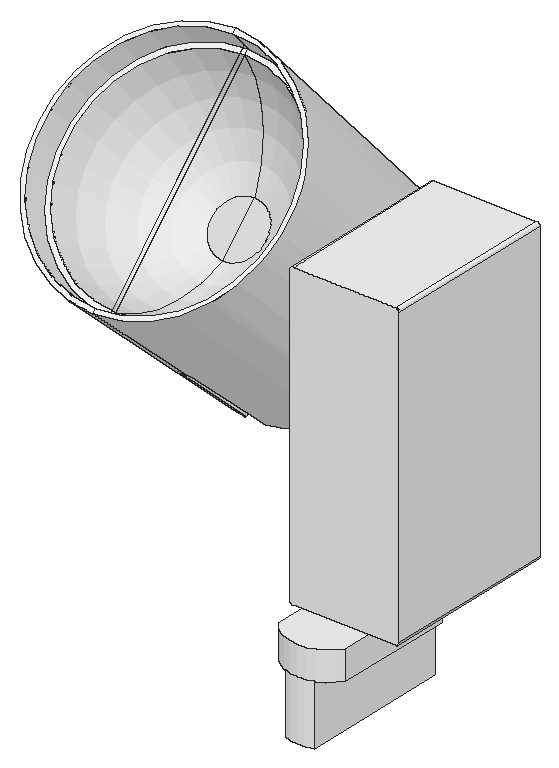
Revit family "0004868 Feilo Sylvania Lighting Fixture START TRACK SPOT L 55W 3K RA90 NB WHITE", category Lighting Fixtures, host Face, Revit 2017 (continued)
Definition of nested family "Start Track Spot Head"
  Types (96, lengths in mm): name | Wattage | built-in parameter 1150134 | Photometric Web File | Model | built-in parameter 1150105 | Lumens | built-in parameter 1150107 | built-in parameter 1150106 | HeadThickness_FEILO | HeadRibOffset_FEILO | HeadRibDepth_FEILO | HeadRibCutWidth_FEILO | HeadRibCutOffset_FEILO | HeadReflectorRadius_FEILO | HeadReflectorOffset_FEILO | HeadLEDRadius_FEILO | HeadHeight_FEILO | HeadDiffusorOffset_FEILO | HeadDiaOut_FEILO | HeadDiaIn_FEILO | HeadAxisFromTop_FEILO | Emit from Circle Diameter | built-in parameter 1150104 | Description | Apparent Load
    0004864 START TRACK SPOT S 24W 3K RA90 WB WHITE | 24 W | (empty or 0) | "0004864.ies" | "START TRACK SPOT S 24W 3K RA90 WB WHITE" | 152.79 (stored number, unit not read) | 1920 lm | 3000 (stored number, unit not read) | 1.5279 (stored number, unit not read) | 1.5 | 4.179 | 55.714 | 7.167 | 50.87 | 50.588 | 55.714 | 9.556 | 117 | 9.435 | 86 | 77.477 | 69.354 | 77.477 | 7.4322 (stored number, unit not read) | "Integrated LED spotlight, Textured White - RAL9016, compact and minimalist design, ideal for retail applications, die-cast aluminium body, passive cooling heatsink. Beam angle: 64°, color temperature: 3000K , total system power: 24W, total fixture output: 1928 lm, LOR: 100%, colour rendering: Ra: 90 typical, LED Chromaticity: 3 step MacAdam ellipse, lifetime: >50000 hours at L70B50, energy class: A++, A+, A, IR/UV free light source without heat radiation, operating voltage: 220-240V / 50-60Hz, drive current: 600mA, electronic driver, non-dimmable, power factor: 0.95, electrical protection: Class II, Global Track 3 Phase adapter suitable for Global trac 3-circuit tracks, ingress protection rating: IP20, suitable for internal environment only, horizontal rotation: 355°, vertical tilt: 90°, dimensions: Ø86x140x200, weight: 0.966kg." | 24 VA
    0004863 START TRACK SPOT S 24W 3K RA90 MB WHITE | 24 W | (empty or 0) | "0004863.ies" | "START TRACK SPOT S 24W 3K RA90 MB WHITE" | 154.7 (stored number, unit not read) | 1944 lm | 3000 (stored number, unit not read) | 1.547 (stored number, unit not read) | 1.5 | 4.179 | 55.714 | 7.167 | 50.87 | 50.588 | 55.714 | 9.556 | 117 | 9.435 | 86 | 77.477 | 69.354 | 77.477 | 7.5251 (stored number, unit not read) | "Integrated LED spotlight, Textured White - RAL9016, compact and minimalist design, ideal for retail applications, die-cast aluminium body, passive cooling heatsink. Beam angle: 36°, color temperature: 3000K , total system power: 24W, total fixture output: 1944 lm, LOR: 100%, colour rendering: Ra: 90 typical, LED Chromaticity: 3 step MacAdam ellipse, lifetime: >50000 hours at L70B50, energy class: A++, A+, A, IR/UV free light source without heat radiation, operating voltage: 220-240V / 50-60Hz, drive current: 600mA, electronic driver, non-dimmable, power factor: 0.95, electrical protection: Class II, Global Track 3 Phase adapter suitable for Global trac 3-circuit tracks, ingress protection rating: IP20, suitable for internal environment only, horizontal rotation: 355°, vertical tilt: 90°, dimensions: Ø86x140x200, weight: 0.966kg." | 24 VA
    0004862 START TRACK SPOT S 24W 3K RA90 NB WHITE | 24 W | (empty or 0) | "0004862.ies" | "START TRACK SPOT S 24W 3K RA90 NB WHITE" | 158.52 (stored number, unit not read) | 1992 lm | 3000 (stored number, unit not read) | 1.5852 (stored number, unit not read) | 1.5 | 4.179 | 55.714 | 7.167 | 50.87 | 50.588 | 55.714 | 9.556 | 117 | 9.435 | 86 | 77.477 | 69.354 | 77.477 | 7.711 (stored number, unit not read) | "Integrated LED spotlight, Textured White - RAL9016, compact and minimalist design, ideal for retail applications, die-cast aluminium body, passive cooling heatsink. Beam angle: 12°, color temperature: 3000K , total system power: 24W, total fixture output: 1987 lm, LOR: 100%, colour rendering: Ra: 90 typical, LED Chromaticity: 3 step MacAdam ellipse, lifetime: >50000 hours at L70B50, energy class: A++, A+, A, IR/UV free light source without heat radiation, operating voltage: 220-240V / 50-60Hz, drive current: 600mA, electronic driver, non-dimmable, power factor: 0.95, electrical protection: Class II, Global Track 3 Phase adapter suitable for Global trac 3-circuit tracks, ingress protection rating: IP20, suitable for internal environment only, horizontal rotation: 355°, vertical tilt: 90°, dimensions: Ø86x140x200, weight: 0.966kg." | 24 VA
    0004861 START TRACK SPOT S 14W 3K RA90 WB WHITE | 14 W | (empty or 0) | "0004861.ies" | "START TRACK SPOT S 14W 3K RA90 WB WHITE" | 100.27 (stored number, unit not read) | 1260 lm | 3000 (stored number, unit not read) | 1.0027 (stored number, unit not read) | 1.5 | 4.179 | 55.714 | 7.167 | 50.87 | 50.588 | 55.714 | 9.556 | 117 | 9.435 | 86 | 77.477 | 69.354 | 77.477 | 8.3613 (stored number, unit not read) | "Integrated LED spotlight, Textured White - RAL9016, compact and minimalist design, ideal for retail applications, die-cast aluminium body, passive cooling heatsink. Beam angle: 64°, color temperature: 3000K , total system power: 14W, total fixture output: 1262 lm, LOR: 100%, colour rendering: Ra: 90 typical, LED Chromaticity: 3 step MacAdam ellipse, lifetime: >50000 hours at L70B50, energy class: A++, A+, A, IR/UV free light source without heat radiation, operating voltage: 220-240V / 50-60Hz, drive current: 350mA, electronic driver, non-dimmable, power factor: 0.92, electrical protection: Class II, Global Track 3 Phase adapter suitable for Global trac 3-circuit tracks, ingress protection rating: IP20, suitable for internal environment only, horizontal rotation: 355°, vertical tilt: 90°, dimensions: Ø86x140x200, weight: 0.940kg." | 14 VA
    0004860 START TRACK SPOT S 14W 3K RA90 MB WHITE | 14 W | (empty or 0) | "0004860.ies" | "START TRACK SPOT S 14W 3K RA90 MB WHITE" | 100.27 (stored number, unit not read) | 1260 lm | 3000 (stored number, unit not read) | 1.0027 (stored number, unit not read) | 1.5 | 4.179 | 55.714 | 7.167 | 50.87 | 50.588 | 55.714 | 9.556 | 117 | 9.435 | 86 | 77.477 | 69.354 | 77.477 | 8.3613 (stored number, unit not read) | "Integrated LED spotlight, Textured White - RAL9016, compact and minimalist design, ideal for retail applications, die-cast aluminium body, passive cooling heatsink. Beam angle: 36°, color temperature: 3000K , total system power: 14W, total fixture output: 1262 lm, LOR: 100%, colour rendering: Ra: 90 typical, LED Chromaticity: 3 step MacAdam ellipse, lifetime: >50000 hours at L70B50, energy class: A++, A+, A, IR/UV free light source without heat radiation, operating voltage: 220-240V / 50-60Hz, drive current: 350mA, electronic driver, non-dimmable, power factor: 0.92, electrical protection: Class II, Global Track 3 Phase adapter suitable for Global trac 3-circuit tracks, ingress protection rating: IP20, suitable for internal environment only, horizontal rotation: 355°, vertical tilt: 90°, dimensions: Ø86x140x200, weight: 0.940kg." | 14 VA
    0004859 START TRACK SPOT S 14W 3K RA90 NB WHITE | 14 W | (empty or 0) | "0004859.ies" | "START TRACK SPOT S 14W 3K RA90 NB WHITE" | 102.5 (stored number, unit not read) | 1288 lm | 3000 (stored number, unit not read) | 1.025 (stored number, unit not read) | 1.5 | 4.179 | 55.714 | 7.167 | 50.87 | 50.588 | 55.714 | 9.556 | 117 | 9.435 | 86 | 77.477 | 69.354 | 77.477 | 8.5471 (stored number, unit not read) | "Integrated LED spotlight, Textured White - RAL9016, compact and minimalist design, ideal for retail applications, die-cast aluminium body, passive cooling heatsink. Beam angle: 12°, color temperature: 3000K , total system power: 14W, total fixture output: 1284 lm, LOR: 100%, colour rendering: Ra: 90 typical, LED Chromaticity: 3 step MacAdam ellipse, lifetime: >50000 hours at L70B50, energy class: A++, A+, A, IR/UV free light source without heat radiation, operating voltage: 220-240V / 50-60Hz, drive current: 350mA, electronic driver, non-dimmable, power factor: 0.92, electrical protection: Class II, Global Track 3 Phase adapter suitable for Global trac 3-circuit tracks, ingress protection rating: IP20, suitable for internal environment only, horizontal rotation: 355°, vertical tilt: 90°, dimensions: Ø86x140x200, weight: 0.940kg." | 14 VA
    0004858 START TRACK SPOT L 55W 4K RA80 WB BLACK | 55 W | 12 | "0004858.ies" | "START TRACK SPOT L 55W 4K RA80 WB BLACK" | 424.55 (stored number, unit not read) | 5335 lm | 4000 (stored number, unit not read) | 4.2455 (stored number, unit not read) | 2 | 4.429 | 59.048 | 9.417 | 53.913 | 66.471 | 59.048 | 12.556 | 124 | 10 | 113 | 101.802 | 73.503 | 101.802 | 9.0116 (stored number, unit not read) | "Integrated LED spotlight, Textured Black - RAL9005, compact and minimalist design, ideal for retail applications, die-cast aluminium body, passive cooling heatsink. Beam angle: 52°, color temperature: 4000K , total system power: 55W, total fixture output: 5320 lm, LOR: 100%, colour rendering: Ra: 80 typical, LED Chromaticity: 3 step MacAdam ellipse, lifetime: >50000 hours at L70B50, energy class: A++, A+, A, IR/UV free light source without heat radiation, operating voltage: 220-240V / 50-60Hz, drive current: 1400mA, electronic driver, non-dimmable, power factor: 0.96, electrical protection: Class II, Global Track 3 Phase adapter suitable for Global trac 3-circuit tracks, ingress protection rating: IP20, suitable for internal environment only, horizontal rotation: 355°, vertical tilt: 90°, dimensions: Ø113x164x240, weight: 1.398kg." | 55 VA
    0004857 START TRACK SPOT L 55W 4K RA80 MB BLACK | 55 W | 12 | "0004857.ies" | "START TRACK SPOT L 55W 4K RA80 MB BLACK" | 428.92 (stored number, unit not read) | 5390 lm | 4000 (stored number, unit not read) | 4.2892 (stored number, unit not read) | 2 | 4.429 | 59.048 | 9.417 | 53.913 | 66.471 | 59.048 | 12.556 | 124 | 10 | 113 | 101.802 | 73.503 | 101.802 | 9.1045 (stored number, unit not read) | "Integrated LED spotlight, Textured Black - RAL9005, compact and minimalist design, ideal for retail applications, die-cast aluminium body, passive cooling heatsink. Beam angle: 38°, color temperature: 4000K , total system power: 55W, total fixture output: 5378 lm, LOR: 100%, colour rendering: Ra: 80 typical, LED Chromaticity: 3 step MacAdam ellipse, lifetime: >50000 hours at L70B50, energy class: A++, A+, A, IR/UV free light source without heat radiation, operating voltage: 220-240V / 50-60Hz, drive current: 1400mA, electronic driver, non-dimmable, power factor: 0.96, electrical protection: Class II, Global Track 3 Phase adapter suitable for Global trac 3-circuit tracks, ingress protection rating: IP20, suitable for internal environment only, horizontal rotation: 355°, vertical tilt: 90°, dimensions: Ø113x164x240, weight: 1.398kg." | 55 VA
    0004856 START TRACK SPOT L 55W 4K RA80 NB BLACK | 55 W | 12 | "0004856.ies" | "START TRACK SPOT L 55W 4K RA80 NB BLACK" | 433.3 (stored number, unit not read) | 5445 lm | 4000 (stored number, unit not read) | 4.333 (stored number, unit not read) | 2 | 4.429 | 59.048 | 9.417 | 53.913 | 66.471 | 59.048 | 12.556 | 124 | 10 | 113 | 101.802 | 73.503 | 101.802 | 9.1974 (stored number, unit not read) | "Integrated LED spotlight, Textured Black - RAL9005, compact and minimalist design, ideal for retail applications, die-cast aluminium body, passive cooling heatsink. Beam angle: 15°, color temperature: 4000K , total system power: 55W, total fixture output: 5426 lm, LOR: 100%, colour rendering: Ra: 80 typical, LED Chromaticity: 3 step MacAdam ellipse, lifetime: >50000 hours at L70B50, energy class: A++, A+, A, IR/UV free light source without heat radiation, operating voltage: 220-240V / 50-60Hz, drive current: 1400mA, electronic driver, non-dimmable, power factor: 0.96, electrical protection: Class II, Global Track 3 Phase adapter suitable for Global trac 3-circuit tracks, ingress protection rating: IP20, suitable for internal environment only, horizontal rotation: 355°, vertical tilt: 90°, dimensions: Ø113x164x240, weight: 1.398kg." | 55 VA
    0004855 START TRACK SPOT L 35W 4K RA80 WB BLACK | 35 W | 12 | "0004855.ies" | "START TRACK SPOT L 35W 4K RA80 WB BLACK" | 320.3 (stored number, unit not read) | 4025 lm | 4000 (stored number, unit not read) | 3.203 (stored number, unit not read) | 2 | 4.429 | 59.048 | 9.417 | 53.913 | 66.471 | 59.048 | 12.556 | 124 | 10 | 113 | 101.802 | 73.503 | 101.802 | 10.684 (stored number, unit not read) | "Integrated LED spotlight, Textured Black - RAL9005, compact and minimalist design, ideal for retail applications, die-cast aluminium body, passive cooling heatsink. Beam angle: 52°, color temperature: 4000K , total system power: 35W, total fixture output: 4010 lm, LOR: 100%, colour rendering: Ra: 80 typical, LED Chromaticity: 3 step MacAdam ellipse, lifetime: >50000 hours at L70B50, energy class: A++, A+, A, IR/UV free light source without heat radiation, operating voltage: 220-240V / 50-60Hz, drive current: 900mA, electronic driver, non-dimmable, power factor: 0.93, electrical protection: Class II, Global Track 3 Phase adapter suitable for Global trac 3-circuit tracks, ingress protection rating: IP20, suitable for internal environment only, horizontal rotation: 355°, vertical tilt: 90°, dimensions: Ø113x164x240, weight: 1.368kg." | 35 VA
    0004854 START TRACK SPOT L 35W 4K RA80 MB BLACK | 35 W | 12 | "0004854.ies" | "START TRACK SPOT L 35W 4K RA80 MB BLACK" | 320.3 (stored number, unit not read) | 4025 lm | 4000 (stored number, unit not read) | 3.203 (stored number, unit not read) | 2 | 4.429 | 59.048 | 9.417 | 53.913 | 66.471 | 59.048 | 12.556 | 124 | 10 | 113 | 101.802 | 73.503 | 101.802 | 10.684 (stored number, unit not read) | "Integrated LED spotlight, Textured Black - RAL9005, compact and minimalist design, ideal for retail applications, die-cast aluminium body, passive cooling heatsink. Beam angle: 38°, color temperature: 4000K , total system power: 35W, total fixture output: 4017 lm, LOR: 100%, colour rendering: Ra: 80 typical, LED Chromaticity: 3 step MacAdam ellipse, lifetime: >50000 hours at L70B50, energy class: A++, A+, A, IR/UV free light source without heat radiation, operating voltage: 220-240V / 50-60Hz, drive current: 900mA, electronic driver, non-dimmable, power factor: 0.93, electrical protection: Class II, Global Track 3 Phase adapter suitable for Global trac 3-circuit tracks, ingress protection rating: IP20, suitable for internal environment only, horizontal rotation: 355°, vertical tilt: 90°, dimensions: Ø113x164x240, weight: 1.368kg." | 35 VA
    0004853 START TRACK SPOT L 35W 4K RA80 NB BLACK | 35 W | 12 | "0004853.ies" | "START TRACK SPOT L 35W 4K RA80 NB BLACK" | 331.44 (stored number, unit not read) | 4165 lm | 4000 (stored number, unit not read) | 3.3144 (stored number, unit not read) | 2 | 4.429 | 59.048 | 9.417 | 53.913 | 66.471 | 59.048 | 12.556 | 124 | 10 | 113 | 101.802 | 73.503 | 101.802 | 11.055 (stored number, unit not read) | "Integrated LED spotlight, Textured Black - RAL9005, compact and minimalist design, ideal for retail applications, die-cast aluminium body, passive cooling heatsink. Beam angle: 15°, color temperature: 4000K , total system power: 35W, total fixture output: 4174 lm, LOR: 100%, colour rendering: Ra: 80 typical, LED Chromaticity: 3 step MacAdam ellipse, lifetime: >50000 hours at L70B50, energy class: A++, A+, A, IR/UV free light source without heat radiation, operating voltage: 220-240V / 50-60Hz, drive current: 900mA, electronic driver, non-dimmable, power factor: 0.93, electrical protection: Class II, Global Track 3 Phase adapter suitable for Global trac 3-circuit tracks, ingress protection rating: IP20, suitable for internal environment only, horizontal rotation: 355°, vertical tilt: 90°, dimensions: Ø113x164x240, weight: 1.368kg." | 35 VA
    0004852 START TRACK SPOT S 24W 4K RA80 WB BLACK | 24 W | 12 | "0004852.ies" | "START TRACK SPOT S 24W 4K RA80 WB BLACK" | 196.72 (stored number, unit not read) | 2472 lm | 4000 (stored number, unit not read) | 1.9672 (stored number, unit not read) | 1.5 | 4.179 | 55.714 | 7.167 | 50.87 | 50.588 | 55.714 | 9.556 | 117 | 9.435 | 86 | 77.477 | 69.354 | 77.477 | 9.569 (stored number, unit not read) | "Integrated LED spotlight, Textured Black - RAL9005, compact and minimalist design, ideal for retail applications, die-cast aluminium body, passive cooling heatsink. Beam angle: 64°, color temperature: 4000K , total system power: 24W, total fixture output: 2476 lm, LOR: 100%, colour rendering: Ra: 80 typical, LED Chromaticity: 3 step MacAdam ellipse, lifetime: >50000 hours at L70B50, energy class: A++, A+, A, IR/UV free light source without heat radiation, operating voltage: 220-240V / 50-60Hz, drive current: 600mA, electronic driver, non-dimmable, power factor: 0.95, electrical protection: Class II, Global Track 3 Phase adapter suitable for Global trac 3-circuit tracks, ingress protection rating: IP20, suitable for internal environment only, horizontal rotation: 355°, vertical tilt: 90°, dimensions: Ø86x140x200, weight: 0.966kg." | 24 VA
    0004851 START TRACK SPOT S 24W 4K RA80 MB BLACK | 24 W | 12 | "0004851.ies" | "START TRACK SPOT S 24W 4K RA80 MB BLACK" | 198.63 (stored number, unit not read) | 2496 lm | 4000 (stored number, unit not read) | 1.9863 (stored number, unit not read) | 1.5 | 4.179 | 55.714 | 7.167 | 50.87 | 50.588 | 55.714 | 9.556 | 117 | 9.435 | 86 | 77.477 | 69.354 | 77.477 | 9.6619 (stored number, unit not read) | "Integrated LED spotlight, Textured Black - RAL9005, compact and minimalist design, ideal for retail applications, die-cast aluminium body, passive cooling heatsink. Beam angle: 36°, color temperature: 4000K , total system power: 24W, total fixture output: 2487 lm, LOR: 100%, colour rendering: Ra: 80 typical, LED Chromaticity: 3 step MacAdam ellipse, lifetime: >50000 hours at L70B50, energy class: A++, A+, A, IR/UV free light source without heat radiation, operating voltage: 220-240V / 50-60Hz, drive current: 600mA, electronic driver, non-dimmable, power factor: 0.95, electrical protection: Class II, Global Track 3 Phase adapter suitable for Global trac 3-circuit tracks, ingress protection rating: IP20, suitable for internal environment only, horizontal rotation: 355°, vertical tilt: 90°, dimensions: Ø86x140x200, weight: 0.966kg." | 24 VA
    0004850 START TRACK SPOT S 24W 4K RA80 NB BLACK | 24 W | 12 | "0004850.ies" | "START TRACK SPOT S 24W 4K RA80 NB BLACK" | 200.54 (stored number, unit not read) | 2520 lm | 4000 (stored number, unit not read) | 2.0054 (stored number, unit not read) | 1.5 | 4.179 | 55.714 | 7.167 | 50.87 | 50.588 | 55.714 | 9.556 | 117 | 9.435 | 86 | 77.477 | 69.354 | 77.477 | 9.7548 (stored number, unit not read) | "Integrated LED spotlight, Textured Black - RAL9005, compact and minimalist design, ideal for retail applications, die-cast aluminium body, passive cooling heatsink. Beam angle: 12°, color temperature: 4000K , total system power: 24W, total fixture output: 2529 lm, LOR: 100%, colour rendering: Ra: 80 typical, LED Chromaticity: 3 step MacAdam ellipse, lifetime: >50000 hours at L70B50, energy class: A++, A+, A, IR/UV free light source without heat radiation, operating voltage: 220-240V / 50-60Hz, drive current: 600mA, electronic driver, non-dimmable, power factor: 0.95, electrical protection: Class II, Global Track 3 Phase adapter suitable for Global trac 3-circuit tracks, ingress protection rating: IP20, suitable for internal environment only, horizontal rotation: 355°, vertical tilt: 90°, dimensions: Ø86x140x200, weight: 0.966kg." | 24 VA
    0004849 START TRACK SPOT S 14W 4K RA80 WB BLACK | 14 W | 12 | "0004849.ies" | "START TRACK SPOT S 14W 4K RA80 WB BLACK" | 123.66 (stored number, unit not read) | 1554 lm | 4000 (stored number, unit not read) | 1.2366 (stored number, unit not read) | 1.5 | 4.179 | 55.714 | 7.167 | 50.87 | 50.588 | 55.714 | 9.556 | 117 | 9.435 | 86 | 77.477 | 69.354 | 77.477 | 10.312 (stored number, unit not read) | "Integrated LED spotlight, Textured Black - RAL9005, compact and minimalist design, ideal for retail applications, die-cast aluminium body, passive cooling heatsink. Beam angle: 64°, color temperature: 4000K , total system power: 14W, total fixture output: 1558 lm, LOR: 100%, colour rendering: Ra: 80 typical, LED Chromaticity: 3 step MacAdam ellipse, lifetime: >50000 hours at L70B50, energy class: A++, A+, A, IR/UV free light source without heat radiation, operating voltage: 220-240V / 50-60Hz, drive current: 350mA, electronic driver, non-dimmable, power factor: 0.92, electrical protection: Class II, Global Track 3 Phase adapter suitable for Global trac 3-circuit tracks, ingress protection rating: IP20, suitable for internal environment only, horizontal rotation: 355°, vertical tilt: 90°, dimensions: Ø86x140x200, weight: 0.940kg." | 14 VA
    0004848 START TRACK SPOT S 14W 4K RA80 MB BLACK | 14 W | 12 | "0004848.ies" | "START TRACK SPOT S 14W 4K RA80 MB BLACK" | 127.01 (stored number, unit not read) | 1596 lm | 4000 (stored number, unit not read) | 1.2701 (stored number, unit not read) | 1.5 | 4.179 | 55.714 | 7.167 | 50.87 | 50.588 | 55.714 | 9.556 | 117 | 9.435 | 86 | 77.477 | 69.354 | 77.477 | 10.591 (stored number, unit not read) | "Integrated LED spotlight, Textured Black - RAL9005, compact and minimalist design, ideal for retail applications, die-cast aluminium body, passive cooling heatsink. Beam angle: 36°, color temperature: 4000K , total system power: 14W, total fixture output: 1598 lm, LOR: 100%, colour rendering: Ra: 80 typical, LED Chromaticity: 3 step MacAdam ellipse, lifetime: >50000 hours at L70B50, energy class: A++, A+, A, IR/UV free light source without heat radiation, operating voltage: 220-240V / 50-60Hz, drive current: 350mA, electronic driver, non-dimmable, power factor: 0.92, electrical protection: Class II, Global Track 3 Phase adapter suitable for Global trac 3-circuit tracks, ingress protection rating: IP20, suitable for internal environment only, horizontal rotation: 355°, vertical tilt: 90°, dimensions: Ø86x140x200, weight: 0.940kg." | 14 VA
    0004847 START TRACK SPOT S 14W 4K RA80 NB BLACK | 14 W | 12 | "0004847.ies" | "START TRACK SPOT S 14W 4K RA80 NB BLACK" | 128.12 (stored number, unit not read) | 1610 lm | 4000 (stored number, unit not read) | 1.2812 (stored number, unit not read) | 1.5 | 4.179 | 55.714 | 7.167 | 50.87 | 50.588 | 55.714 | 9.556 | 117 | 9.435 | 86 | 77.477 | 69.354 | 77.477 | 10.684 (stored number, unit not read) | "Integrated LED spotlight, Textured Black - RAL9005, compact and minimalist design, ideal for retail applications, die-cast aluminium body, passive cooling heatsink. Beam angle: 12°, color temperature: 4000K , total system power: 14W, total fixture output: 1608 lm, LOR: 100%, colour rendering: Ra: 80 typical, LED Chromaticity: 3 step MacAdam ellipse, lifetime: >50000 hours at L70B50, energy class: A++, A+, A, IR/UV free light source without heat radiation, operating voltage: 220-240V / 50-60Hz, drive current: 350mA, electronic driver, non-dimmable, power factor: 0.92, electrical protection: Class II, Global Track 3 Phase adapter suitable for Global trac 3-circuit tracks, ingress protection rating: IP20, suitable for internal environment only, horizontal rotation: 355°, vertical tilt: 90°, dimensions: Ø86x140x200, weight: 0.940kg." | 14 VA
    0004846 START TRACK SPOT L 55W 3K RA80 WB BLACK | 55 W | (empty or 0) | "0004846.ies" | "START TRACK SPOT L 55W 3K RA80 WB BLACK" | 420.17 (stored number, unit not read) | 5280 lm | 3000 (stored number, unit not read) | 4.2017 (stored number, unit not read) | 2 | 4.429 | 59.048 | 9.417 | 53.913 | 66.471 | 59.048 | 12.556 | 124 | 10 | 113 | 101.802 | 73.503 | 101.802 | 8.9187 (stored number, unit not read) | "Integrated LED spotlight, Textured Black - RAL9005, compact and minimalist design, ideal for retail applications, die-cast aluminium body, passive cooling heatsink. Beam angle: 52°, color temperature: 3000K , total system power: 55W, total fixture output: 5298 lm, LOR: 100%, colour rendering: Ra: 80 typical, LED Chromaticity: 3 step MacAdam ellipse, lifetime: >50000 hours at L70B50, energy class: A++, A+, A, IR/UV free light source without heat radiation, operating voltage: 220-240V / 50-60Hz, drive current: 1400mA, electronic driver, non-dimmable, power factor: 0.96, electrical protection: Class II, Global Track 3 Phase adapter suitable for Global trac 3-circuit tracks, ingress protection rating: IP20, suitable for internal environment only, horizontal rotation: 355°, vertical tilt: 90°, dimensions: Ø113x164x240, weight: 1.398kg." | 55 VA
    0004845 START TRACK SPOT L 55W 3K RA80 MB BLACK | 55 W | (empty or 0) | "0004845.ies" | "START TRACK SPOT L 55W 3K RA80 MB BLACK" | 428.92 (stored number, unit not read) | 5390 lm | 3000 (stored number, unit not read) | 4.2892 (stored number, unit not read) | 2 | 4.429 | 59.048 | 9.417 | 53.913 | 66.471 | 59.048 | 12.556 | 124 | 10 | 113 | 101.802 | 73.503 | 101.802 | 9.1045 (stored number, unit not read) | "Integrated LED spotlight, Textured Black - RAL9005, compact and minimalist design, ideal for retail applications, die-cast aluminium body, passive cooling heatsink. Beam angle: 38°, color temperature: 3000K , total system power: 55W, total fixture output: 5381 lm, LOR: 100%, colour rendering: Ra: 80 typical, LED Chromaticity: 3 step MacAdam ellipse, lifetime: >50000 hours at L70B50, energy class: A++, A+, A, IR/UV free light source without heat radiation, operating voltage: 220-240V / 50-60Hz, drive current: 1400mA, electronic driver, non-dimmable, power factor: 0.96, electrical protection: Class II, Global Track 3 Phase adapter suitable for Global trac 3-circuit tracks, ingress protection rating: IP20, suitable for internal environment only, horizontal rotation: 355°, vertical tilt: 90°, dimensions: Ø113x164x240, weight: 1.398kg." | 55 VA
    0004844 START TRACK SPOT L 55W 3K RA80 NB BLACK | 55 W | (empty or 0) | "0004844.ies" | "START TRACK SPOT L 55W 3K RA80 NB BLACK" | 433.3 (stored number, unit not read) | 5445 lm | 3000 (stored number, unit not read) | 4.333 (stored number, unit not read) | 2 | 4.429 | 59.048 | 9.417 | 53.913 | 66.471 | 59.048 | 12.556 | 124 | 10 | 113 | 101.802 | 73.503 | 101.802 | 9.1974 (stored number, unit not read) | "Integrated LED spotlight, Textured Black - RAL9005, compact and minimalist design, ideal for retail applications, die-cast aluminium body, passive cooling heatsink. Beam angle: 15°, color temperature: 3000K , total system power: 55W, total fixture output: 5449 lm, LOR: 100%, colour rendering: Ra: 80 typical, LED Chromaticity: 3 step MacAdam ellipse, lifetime: >50000 hours at L70B50, energy class: A++, A+, A, IR/UV free light source without heat radiation, operating voltage: 220-240V / 50-60Hz, drive current: 1400mA, electronic driver, non-dimmable, power factor: 0.96, electrical protection: Class II, Global Track 3 Phase adapter suitable for Global trac 3-circuit tracks, ingress protection rating: IP20, suitable for internal environment only, horizontal rotation: 355°, vertical tilt: 90°, dimensions: Ø113x164x240, weight: 1.398kg." | 55 VA
    0004843 START TRACK SPOT L 35W 3K RA80 WB BLACK | 35 W | (empty or 0) | "0004843.ies" | "START TRACK SPOT L 35W 3K RA80 WB BLACK" | 314.73 (stored number, unit not read) | 3955 lm | 3000 (stored number, unit not read) | 3.1473 (stored number, unit not read) | 2 | 4.429 | 59.048 | 9.417 | 53.913 | 66.471 | 59.048 | 12.556 | 124 | 10 | 113 | 101.802 | 73.503 | 101.802 | 10.498 (stored number, unit not read) | "Integrated LED spotlight, Textured Black - RAL9005, compact and minimalist design, ideal for retail applications, die-cast aluminium body, passive cooling heatsink. Beam angle: 52°, color temperature: 3000K , total system power: 35W, total fixture output: 3943 lm, LOR: 100%, colour rendering: Ra: 80 typical, LED Chromaticity: 3 step MacAdam ellipse, lifetime: >50000 hours at L70B50, energy class: A++, A+, A, IR/UV free light source without heat radiation, operating voltage: 220-240V / 50-60Hz, drive current: 900mA, electronic driver, non-dimmable, power factor: 0.93, electrical protection: Class II, Global Track 3 Phase adapter suitable for Global trac 3-circuit tracks, ingress protection rating: IP20, suitable for internal environment only, horizontal rotation: 355°, vertical tilt: 90°, dimensions: Ø113x164x240, weight: 1.368kg." | 35 VA
    0004842 START TRACK SPOT L 35W 3K RA80 MB BLACK | 35 W | (empty or 0) | "0004842.ies" | "START TRACK SPOT L 35W 3K RA80 MB BLACK" | 320.3 (stored number, unit not read) | 4025 lm | 3000 (stored number, unit not read) | 3.203 (stored number, unit not read) | 2 | 4.429 | 59.048 | 9.417 | 53.913 | 66.471 | 59.048 | 12.556 | 124 | 10 | 113 | 101.802 | 73.503 | 101.802 | 10.684 (stored number, unit not read) | "Integrated LED spotlight, Textured Black - RAL9005, compact and minimalist design, ideal for retail applications, die-cast aluminium body, passive cooling heatsink. Beam angle: 38°, color temperature: 3000K , total system power: 35W, total fixture output: 4008 lm, LOR: 100%, colour rendering: Ra: 80 typical, LED Chromaticity: 3 step MacAdam ellipse, lifetime: >50000 hours at L70B50, energy class: A++, A+, A, IR/UV free light source without heat radiation, operating voltage: 220-240V / 50-60Hz, drive current: 900mA, electronic driver, non-dimmable, power factor: 0.93, electrical protection: Class II, Global Track 3 Phase adapter suitable for Global trac 3-circuit tracks, ingress protection rating: IP20, suitable for internal environment only, horizontal rotation: 355°, vertical tilt: 90°, dimensions: Ø113x164x240, weight: 1.368kg." | 35 VA
    0004841 START TRACK SPOT L 35W 3K RA80 NB BLACK | 35 W | (empty or 0) | "0004841.ies" | "START TRACK SPOT L 35W 3K RA80 NB BLACK" | 317.51 (stored number, unit not read) | 3990 lm | 3000 (stored number, unit not read) | 3.1751 (stored number, unit not read) | 2 | 4.429 | 59.048 | 9.417 | 53.913 | 66.471 | 59.048 | 12.556 | 124 | 10 | 113 | 101.802 | 73.503 | 101.802 | 10.591 (stored number, unit not read) | "Integrated LED spotlight, Textured Black - RAL9005, compact and minimalist design, ideal for retail applications, die-cast aluminium body, passive cooling heatsink. Beam angle: 15°, color temperature: 3000K , total system power: 35W, total fixture output: 4005 lm, LOR: 100%, colour rendering: Ra: 80 typical, LED Chromaticity: 3 step MacAdam ellipse, lifetime: >50000 hours at L70B50, energy class: A++, A+, A, IR/UV free light source without heat radiation, operating voltage: 220-240V / 50-60Hz, drive current: 900mA, electronic driver, non-dimmable, power factor: 0.93, electrical protection: Class II, Global Track 3 Phase adapter suitable for Global trac 3-circuit tracks, ingress protection rating: IP20, suitable for internal environment only, horizontal rotation: 355°, vertical tilt: 90°, dimensions: Ø113x164x240, weight: 1.368kg." | 35 VA
    0004840 START TRACK SPOT S 24W 3K RA80 WB BLACK | 24 W | (empty or 0) | "0004840.ies" | "START TRACK SPOT S 24W 3K RA80 WB BLACK" | 185.26 (stored number, unit not read) | 2328 lm | 3000 (stored number, unit not read) | 1.8526 (stored number, unit not read) | 1.5 | 4.179 | 55.714 | 7.167 | 50.87 | 50.588 | 55.714 | 9.556 | 117 | 9.435 | 86 | 77.477 | 69.354 | 77.477 | 9.0116 (stored number, unit not read) | "Integrated LED spotlight, Textured Black - RAL9005, compact and minimalist design, ideal for retail applications, die-cast aluminium body, passive cooling heatsink. Beam angle: 64°, color temperature: 3000K , total system power: 24W, total fixture output: 2318 lm, LOR: 100%, colour rendering: Ra: 80 typical, LED Chromaticity: 3 step MacAdam ellipse, lifetime: >50000 hours at L70B50, energy class: A++, A+, A, IR/UV free light source without heat radiation, operating voltage: 220-240V / 50-60Hz, drive current: 600mA, electronic driver, non-dimmable, power factor: 0.95, electrical protection: Class II, Global Track 3 Phase adapter suitable for Global trac 3-circuit tracks, ingress protection rating: IP20, suitable for internal environment only, horizontal rotation: 355°, vertical tilt: 90°, dimensions: Ø86x140x200, weight: 0.966kg." | 24 VA
    0004839 START TRACK SPOT S 24W 3K RA80 MB BLACK | 24 W | (empty or 0) | "0004839.ies" | "START TRACK SPOT S 24W 3K RA80 MB BLACK" | 183.35 (stored number, unit not read) | 2304 lm | 3000 (stored number, unit not read) | 1.8335 (stored number, unit not read) | 1.5 | 4.179 | 55.714 | 7.167 | 50.87 | 50.588 | 55.714 | 9.556 | 117 | 9.435 | 86 | 77.477 | 69.354 | 77.477 | 8.9187 (stored number, unit not read) | "Integrated LED spotlight, Textured Black - RAL9005, compact and minimalist design, ideal for retail applications, die-cast aluminium body, passive cooling heatsink. Beam angle: 36°, color temperature: 3000K , total system power: 24W, total fixture output: 2314 lm, LOR: 100%, colour rendering: Ra: 80 typical, LED Chromaticity: 3 step MacAdam ellipse, lifetime: >50000 hours at L70B50, energy class: A++, A+, A, IR/UV free light source without heat radiation, operating voltage: 220-240V / 50-60Hz, drive current: 600mA, electronic driver, non-dimmable, power factor: 0.95, electrical protection: Class II, Global Track 3 Phase adapter suitable for Global trac 3-circuit tracks, ingress protection rating: IP20, suitable for internal environment only, horizontal rotation: 355°, vertical tilt: 90°, dimensions: Ø86x140x200, weight: 0.966kg." | 24 VA
    0004838 START TRACK SPOT S 24W 3K RA80 NB BLACK | 24 W | (empty or 0) | "0004838.ies" | "START TRACK SPOT S 24W 3K RA80 NB BLACK" | 185.26 (stored number, unit not read) | 2328 lm | 3000 (stored number, unit not read) | 1.8526 (stored number, unit not read) | 1.5 | 4.179 | 55.714 | 7.167 | 50.87 | 50.588 | 55.714 | 9.556 | 117 | 9.435 | 86 | 77.477 | 69.354 | 77.477 | 9.0116 (stored number, unit not read) | "Integrated LED spotlight, Textured Black - RAL9005, compact and minimalist design, ideal for retail applications, die-cast aluminium body, passive cooling heatsink. Beam angle: 12°, color temperature: 3000K , total system power: 24W, total fixture output: 2334 lm, LOR: 100%, colour rendering: Ra: 80 typical, LED Chromaticity: 3 step MacAdam ellipse, lifetime: >50000 hours at L70B50, energy class: A++, A+, A, IR/UV free light source without heat radiation, operating voltage: 220-240V / 50-60Hz, drive current: 600mA, electronic driver, non-dimmable, power factor: 0.95, electrical protection: Class II, Global Track 3 Phase adapter suitable for Global trac 3-circuit tracks, ingress protection rating: IP20, suitable for internal environment only, horizontal rotation: 355°, vertical tilt: 90°, dimensions: Ø86x140x200, weight: 0.966kg." | 24 VA
    0004837 START TRACK SPOT S 14W 3K RA80 WB BLACK | 14 W | (empty or 0) | "0004837.ies" | "START TRACK SPOT S 14W 3K RA80 WB BLACK" | 119.21 (stored number, unit not read) | 1498 lm | 3000 (stored number, unit not read) | 1.1921 (stored number, unit not read) | 1.5 | 4.179 | 55.714 | 7.167 | 50.87 | 50.588 | 55.714 | 9.556 | 117 | 9.435 | 86 | 77.477 | 69.354 | 77.477 | 9.9406 (stored number, unit not read) | "Integrated LED spotlight, Textured Black - RAL9005, compact and minimalist design, ideal for retail applications, die-cast aluminium body, passive cooling heatsink. Beam angle: 64°, color temperature: 3000K , total system power: 14W, total fixture output: 1498 lm, LOR: 100%, colour rendering: Ra: 80 typical, LED Chromaticity: 3 step MacAdam ellipse, lifetime: >50000 hours at L70B50, energy class: A++, A+, A, IR/UV free light source without heat radiation, operating voltage: 220-240V / 50-60Hz, drive current: 350mA, electronic driver, non-dimmable, power factor: 0.92, electrical protection: Class II, Global Track 3 Phase adapter suitable for Global trac 3-circuit tracks, ingress protection rating: IP20, suitable for internal environment only, horizontal rotation: 355°, vertical tilt: 90°, dimensions: Ø86x140x200, weight: 0.940kg." | 14 VA
    0004836 START TRACK SPOT S 14W 3K RA80 MB BLACK | 14 W | (empty or 0) | "0004836.ies" | "START TRACK SPOT S 14W 3K RA80 MB BLACK" | 120.32 (stored number, unit not read) | 1512 lm | 3000 (stored number, unit not read) | 1.2032 (stored number, unit not read) | 1.5 | 4.179 | 55.714 | 7.167 | 50.87 | 50.588 | 55.714 | 9.556 | 117 | 9.435 | 86 | 77.477 | 69.354 | 77.477 | 10.034 (stored number, unit not read) | "Integrated LED spotlight, Textured Black - RAL9005, compact and minimalist design, ideal for retail applications, die-cast aluminium body, passive cooling heatsink. Beam angle: 36°, color temperature: 3000K , total system power: 14W, total fixture output: 1508 lm, LOR: 100%, colour rendering: Ra: 80 typical, LED Chromaticity: 3 step MacAdam ellipse, lifetime: >50000 hours at L70B50, energy class: A++, A+, A, IR/UV free light source without heat radiation, operating voltage: 220-240V / 50-60Hz, drive current: 350mA, electronic driver, non-dimmable, power factor: 0.92, electrical protection: Class II, Global Track 3 Phase adapter suitable for Global trac 3-circuit tracks, ingress protection rating: IP20, suitable for internal environment only, horizontal rotation: 355°, vertical tilt: 90°, dimensions: Ø86x140x200, weight: 0.940kg." | 14 VA
    0004835 START TRACK SPOT S 14W 3K RA80 NB BLACK | 14 W | (empty or 0) | "0004835.ies" | "START TRACK SPOT S 14W 3K RA80 NB BLACK" | 123.66 (stored number, unit not read) | 1554 lm | 3000 (stored number, unit not read) | 1.2366 (stored number, unit not read) | 1.5 | 4.179 | 55.714 | 7.167 | 50.87 | 50.588 | 55.714 | 9.556 | 117 | 9.435 | 86 | 77.477 | 69.354 | 77.477 | 10.312 (stored number, unit not read) | "Integrated LED spotlight, Textured Black - RAL9005, compact and minimalist design, ideal for retail applications, die-cast aluminium body, passive cooling heatsink. Beam angle: 12°, color temperature: 3000K , total system power: 14W, total fixture output: 1551 lm, LOR: 100%, colour rendering: Ra: 80 typical, LED Chromaticity: 3 step MacAdam ellipse, lifetime: >50000 hours at L70B50, energy class: A++, A+, A, IR/UV free light source without heat radiation, operating voltage: 220-240V / 50-60Hz, drive current: 350mA, electronic driver, non-dimmable, power factor: 0.92, electrical protection: Class II, Global Track 3 Phase adapter suitable for Global trac 3-circuit tracks, ingress protection rating: IP20, suitable for internal environment only, horizontal rotation: 355°, vertical tilt: 90°, dimensions: Ø86x140x200, weight: 0.940kg." | 14 VA
    0004834 START TRACK SPOT L 55W 4K RA80 WB WHITE | 55 W | 12 | "0004834.ies" | "START TRACK SPOT L 55W 4K RA80 WB WHITE" | 424.55 (stored number, unit not read) | 5335 lm | 4000 (stored number, unit not read) | 4.2455 (stored number, unit not read) | 2 | 4.429 | 59.048 | 9.417 | 53.913 | 66.471 | 59.048 | 12.556 | 124 | 10 | 113 | 101.802 | 73.503 | 101.802 | 9.0116 (stored number, unit not read) | "Integrated LED spotlight, Textured White - RAL9016, compact and minimalist design, ideal for retail applications, die-cast aluminium body, passive cooling heatsink. Beam angle: 52°, color temperature: 4000K , total system power: 55W, total fixture output: 5320 lm, LOR: 100%, colour rendering: Ra: 80 typical, LED Chromaticity: 3 step MacAdam ellipse, lifetime: >50000 hours at L70B50, energy class: A++, A+, A, IR/UV free light source without heat radiation, operating voltage: 220-240V / 50-60Hz, drive current: 1400mA, electronic driver, non-dimmable, power factor: 0.96, electrical protection: Class II, Global Track 3 Phase adapter suitable for Global trac 3-circuit tracks, ingress protection rating: IP20, suitable for internal environment only, horizontal rotation: 355°, vertical tilt: 90°, dimensions: Ø113x164x240, weight: 1.398kg." | 55 VA
    0004833 START TRACK SPOT L 55W 4K RA80 MB WHITE | 55 W | 12 | "0004833.ies" | "START TRACK SPOT L 55W 4K RA80 MB WHITE" | 428.92 (stored number, unit not read) | 5390 lm | 4000 (stored number, unit not read) | 4.2892 (stored number, unit not read) | 2 | 4.429 | 59.048 | 9.417 | 53.913 | 66.471 | 59.048 | 12.556 | 124 | 10 | 113 | 101.802 | 73.503 | 101.802 | 9.1045 (stored number, unit not read) | "Integrated LED spotlight, Textured White - RAL9016, compact and minimalist design, ideal for retail applications, die-cast aluminium body, passive cooling heatsink. Beam angle: 38°, color temperature: 4000K , total system power: 55W, total fixture output: 5378 lm, LOR: 100%, colour rendering: Ra: 80 typical, LED Chromaticity: 3 step MacAdam ellipse, lifetime: >50000 hours at L70B50, energy class: A++, A+, A, IR/UV free light source without heat radiation, operating voltage: 220-240V / 50-60Hz, drive current: 1400mA, electronic driver, non-dimmable, power factor: 0.96, electrical protection: Class II, Global Track 3 Phase adapter suitable for Global trac 3-circuit tracks, ingress protection rating: IP20, suitable for internal environment only, horizontal rotation: 355°, vertical tilt: 90°, dimensions: Ø113x164x240, weight: 1.398kg." | 55 VA
    0004832 START TRACK SPOT L 55W 4K RA80 NB WHITE | 55 W | 12 | "0004832.ies" | "START TRACK SPOT L 55W 4K RA80 NB WHITE" | 433.3 (stored number, unit not read) | 5445 lm | 4000 (stored number, unit not read) | 4.333 (stored number, unit not read) | 2 | 4.429 | 59.048 | 9.417 | 53.913 | 66.471 | 59.048 | 12.556 | 124 | 10 | 113 | 101.802 | 73.503 | 101.802 | 9.1974 (stored number, unit not read) | "Integrated LED spotlight, Textured White - RAL9016, compact and minimalist design, ideal for retail applications, die-cast aluminium body, passive cooling heatsink. Beam angle: 15°, color temperature: 4000K , total system power: 55W, total fixture output: 5426 lm, LOR: 100%, colour rendering: Ra: 80 typical, LED Chromaticity: 3 step MacAdam ellipse, lifetime: >50000 hours at L70B50, energy class: A++, A+, A, IR/UV free light source without heat radiation, operating voltage: 220-240V / 50-60Hz, drive current: 1400mA, electronic driver, non-dimmable, power factor: 0.96, electrical protection: Class II, Global Track 3 Phase adapter suitable for Global trac 3-circuit tracks, ingress protection rating: IP20, suitable for internal environment only, horizontal rotation: 355°, vertical tilt: 90°, dimensions: Ø113x164x240, weight: 1.398kg." | 55 VA
    0004831 START TRACK SPOT L 35W 4K RA80 WB WHITE | 35 W | 12 | "0004831.ies" | "START TRACK SPOT L 35W 4K RA80 WB WHITE" | 320.3 (stored number, unit not read) | 4025 lm | 4000 (stored number, unit not read) | 3.203 (stored number, unit not read) | 2 | 4.429 | 59.048 | 9.417 | 53.913 | 66.471 | 59.048 | 12.556 | 124 | 10 | 113 | 101.802 | 73.503 | 101.802 | 10.684 (stored number, unit not read) | "Integrated LED spotlight, Textured White - RAL9016, compact and minimalist design, ideal for retail applications, die-cast aluminium body, passive cooling heatsink. Beam angle: 52°, color temperature: 4000K , total system power: 35W, total fixture output: 4010 lm, LOR: 100%, colour rendering: Ra: 80 typical, LED Chromaticity: 3 step MacAdam ellipse, lifetime: >50000 hours at L70B50, energy class: A++, A+, A, IR/UV free light source without heat radiation, operating voltage: 220-240V / 50-60Hz, drive current: 900mA, electronic driver, non-dimmable, power factor: 0.93, electrical protection: Class II, Global Track 3 Phase adapter suitable for Global trac 3-circuit tracks, ingress protection rating: IP20, suitable for internal environment only, horizontal rotation: 355°, vertical tilt: 90°, dimensions: Ø113x164x240, weight: 1.368kg." | 35 VA
    0004830 START TRACK SPOT L 35W 4K RA80 MB WHITE | 35 W | 12 | "0004830.ies" | "START TRACK SPOT L 35W 4K RA80 MB WHITE" | 320.3 (stored number, unit not read) | 4025 lm | 4000 (stored number, unit not read) | 3.203 (stored number, unit not read) | 2 | 4.429 | 59.048 | 9.417 | 53.913 | 66.471 | 59.048 | 12.556 | 124 | 10 | 113 | 101.802 | 73.503 | 101.802 | 10.684 (stored number, unit not read) | "Integrated LED spotlight, Textured White - RAL9016, compact and minimalist design, ideal for retail applications, die-cast aluminium body, passive cooling heatsink. Beam angle: 38°, color temperature: 4000K , total system power: 35W, total fixture output: 4017 lm, LOR: 100%, colour rendering: Ra: 80 typical, LED Chromaticity: 3 step MacAdam ellipse, lifetime: >50000 hours at L70B50, energy class: A++, A+, A, IR/UV free light source without heat radiation, operating voltage: 220-240V / 50-60Hz, drive current: 900mA, electronic driver, non-dimmable, power factor: 0.93, electrical protection: Class II, Global Track 3 Phase adapter suitable for Global trac 3-circuit tracks, ingress protection rating: IP20, suitable for internal environment only, horizontal rotation: 355°, vertical tilt: 90°, dimensions: Ø113x164x240, weight: 1.368kg." | 35 VA
    0004829 START TRACK SPOT L 35W 4K RA80 NB WHITE | 35 W | 12 | "0004829.ies" | "START TRACK SPOT L 35W 4K RA80 NB WHITE" | 331.44 (stored number, unit not read) | 4165 lm | 4000 (stored number, unit not read) | 3.3144 (stored number, unit not read) | 2 | 4.429 | 59.048 | 9.417 | 53.913 | 66.471 | 59.048 | 12.556 | 124 | 10 | 113 | 101.802 | 73.503 | 101.802 | 11.055 (stored number, unit not read) | "Integrated LED spotlight, Textured White - RAL9016, compact and minimalist design, ideal for retail applications, die-cast aluminium body, passive cooling heatsink. Beam angle: 15°, color temperature: 4000K , total system power: 35W, total fixture output: 4174 lm, LOR: 100%, colour rendering: Ra: 80 typical, LED Chromaticity: 3 step MacAdam ellipse, lifetime: >50000 hours at L70B50, energy class: A++, A+, A, IR/UV free light source without heat radiation, operating voltage: 220-240V / 50-60Hz, drive current: 900mA, electronic driver, non-dimmable, power factor: 0.93, electrical protection: Class II, Global Track 3 Phase adapter suitable for Global trac 3-circuit tracks, ingress protection rating: IP20, suitable for internal environment only, horizontal rotation: 355°, vertical tilt: 90°, dimensions: Ø113x164x240, weight: 1.368kg." | 35 VA
    0004828 START TRACK SPOT S 24W 4K RA80 WB WHITE | 24 W | 12 | "0004828.ies" | "START TRACK SPOT S 24W 4K RA80 WB WHITE" | 196.72 (stored number, unit not read) | 2472 lm | 4000 (stored number, unit not read) | 1.9672 (stored number, unit not read) | 1.5 | 4.179 | 55.714 | 7.167 | 50.87 | 50.588 | 55.714 | 9.556 | 117 | 9.435 | 86 | 77.477 | 69.354 | 77.477 | 9.569 (stored number, unit not read) | "Integrated LED spotlight, Textured White - RAL9016, compact and minimalist design, ideal for retail applications, die-cast aluminium body, passive cooling heatsink. Beam angle: 64°, color temperature: 4000K , total system power: 24W, total fixture output: 2476 lm, LOR: 100%, colour rendering: Ra: 80 typical, LED Chromaticity: 3 step MacAdam ellipse, lifetime: >50000 hours at L70B50, energy class: A++, A+, A, IR/UV free light source without heat radiation, operating voltage: 220-240V / 50-60Hz, drive current: 600mA, electronic driver, non-dimmable, power factor: 0.95, electrical protection: Class II, Global Track 3 Phase adapter suitable for Global trac 3-circuit tracks, ingress protection rating: IP20, suitable for internal environment only, horizontal rotation: 355°, vertical tilt: 90°, dimensions: Ø86x140x200, weight: 0.966kg." | 24 VA
    0004827 START TRACK SPOT S 24W 4K RA80 MB WHITE | 24 W | 12 | "0004827.ies" | "START TRACK SPOT S 24W 4K RA80 MB WHITE" | 198.63 (stored number, unit not read) | 2496 lm | 4000 (stored number, unit not read) | 1.9863 (stored number, unit not read) | 1.5 | 4.179 | 55.714 | 7.167 | 50.87 | 50.588 | 55.714 | 9.556 | 117 | 9.435 | 86 | 77.477 | 69.354 | 77.477 | 9.6619 (stored number, unit not read) | "Integrated LED spotlight, Textured White - RAL9016, compact and minimalist design, ideal for retail applications, die-cast aluminium body, passive cooling heatsink. Beam angle: 36°, color temperature: 4000K , total system power: 24W, total fixture output: 2487 lm, LOR: 100%, colour rendering: Ra: 80 typical, LED Chromaticity: 3 step MacAdam ellipse, lifetime: >50000 hours at L70B50, energy class: A++, A+, A, IR/UV free light source without heat radiation, operating voltage: 220-240V / 50-60Hz, drive current: 600mA, electronic driver, non-dimmable, power factor: 0.95, electrical protection: Class II, Global Track 3 Phase adapter suitable for Global trac 3-circuit tracks, ingress protection rating: IP20, suitable for internal environment only, horizontal rotation: 355°, vertical tilt: 90°, dimensions: Ø86x140x200, weight: 0.966kg." | 24 VA
    0004826 START TRACK SPOT S 24W 4K RA80 NB WHITE | 24 W | 12 | "0004826.ies" | "START TRACK SPOT S 24W 4K RA80 NB WHITE" | 200.54 (stored number, unit not read) | 2520 lm | 4000 (stored number, unit not read) | 2.0054 (stored number, unit not read) | 1.5 | 4.179 | 55.714 | 7.167 | 50.87 | 50.588 | 55.714 | 9.556 | 117 | 9.435 | 86 | 77.477 | 69.354 | 77.477 | 9.7548 (stored number, unit not read) | "Integrated LED spotlight, Textured White - RAL9016, compact and minimalist design, ideal for retail applications, die-cast aluminium body, passive cooling heatsink. Beam angle: 12°, color temperature: 4000K , total system power: 24W, total fixture output: 2529 lm, LOR: 100%, colour rendering: Ra: 80 typical, LED Chromaticity: 3 step MacAdam ellipse, lifetime: >50000 hours at L70B50, energy class: A++, A+, A, IR/UV free light source without heat radiation, operating voltage: 220-240V / 50-60Hz, drive current: 600mA, electronic driver, non-dimmable, power factor: 0.95, electrical protection: Class II, Global Track 3 Phase adapter suitable for Global trac 3-circuit tracks, ingress protection rating: IP20, suitable for internal environment only, horizontal rotation: 355°, vertical tilt: 90°, dimensions: Ø86x140x200, weight: 0.966kg." | 24 VA
    0004825 START TRACK SPOT S 14W 4K RA80 WB WHITE | 14 W | 12 | "0004825.ies" | "START TRACK SPOT S 14W 4K RA80 WB WHITE" | 123.66 (stored number, unit not read) | 1554 lm | 4000 (stored number, unit not read) | 1.2366 (stored number, unit not read) | 1.5 | 4.179 | 55.714 | 7.167 | 50.87 | 50.588 | 55.714 | 9.556 | 117 | 9.435 | 86 | 77.477 | 69.354 | 77.477 | 10.312 (stored number, unit not read) | "Integrated LED spotlight, Textured White - RAL9016, compact and minimalist design, ideal for retail applications, die-cast aluminium body, passive cooling heatsink. Beam angle: 64°, color temperature: 4000K , total system power: 14W, total fixture output: 1558 lm, LOR: 100%, colour rendering: Ra: 80 typical, LED Chromaticity: 3 step MacAdam ellipse, lifetime: >50000 hours at L70B50, energy class: A++, A+, A, IR/UV free light source without heat radiation, operating voltage: 220-240V / 50-60Hz, drive current: 350mA, electronic driver, non-dimmable, power factor: 0.92, electrical protection: Class II, Global Track 3 Phase adapter suitable for Global trac 3-circuit tracks, ingress protection rating: IP20, suitable for internal environment only, horizontal rotation: 355°, vertical tilt: 90°, dimensions: Ø86x140x200, weight: 0.940kg." | 14 VA
    0004824 START TRACK SPOT S 14W 4K RA80 MB WHITE | 14 W | 12 | "0004824.ies" | "START TRACK SPOT S 14W 4K RA80 MB WHITE" | 127.01 (stored number, unit not read) | 1596 lm | 4000 (stored number, unit not read) | 1.2701 (stored number, unit not read) | 1.5 | 4.179 | 55.714 | 7.167 | 50.87 | 50.588 | 55.714 | 9.556 | 117 | 9.435 | 86 | 77.477 | 69.354 | 77.477 | 10.591 (stored number, unit not read) | "Integrated LED spotlight, Textured White - RAL9016, compact and minimalist design, ideal for retail applications, die-cast aluminium body, passive cooling heatsink. Beam angle: 36°, color temperature: 4000K , total system power: 14W, total fixture output: 1598 lm, LOR: 100%, colour rendering: Ra: 80 typical, LED Chromaticity: 3 step MacAdam ellipse, lifetime: >50000 hours at L70B50, energy class: A++, A+, A, IR/UV free light source without heat radiation, operating voltage: 220-240V / 50-60Hz, drive current: 350mA, electronic driver, non-dimmable, power factor: 0.92, electrical protection: Class II, Global Track 3 Phase adapter suitable for Global trac 3-circuit tracks, ingress protection rating: IP20, suitable for internal environment only, horizontal rotation: 355°, vertical tilt: 90°, dimensions: Ø86x140x200, weight: 0.940kg." | 14 VA
    0004823 START TRACK SPOT S 14W 4K RA80 NB WHITE | 14 W | 12 | "0004823.ies" | "START TRACK SPOT S 14W 4K RA80 NB WHITE" | 128.12 (stored number, unit not read) | 1610 lm | 4000 (stored number, unit not read) | 1.2812 (stored number, unit not read) | 1.5 | 4.179 | 55.714 | 7.167 | 50.87 | 50.588 | 55.714 | 9.556 | 117 | 9.435 | 86 | 77.477 | 69.354 | 77.477 | 10.684 (stored number, unit not read) | "Integrated LED spotlight, Textured White - RAL9016, compact and minimalist design, ideal for retail applications, die-cast aluminium body, passive cooling heatsink. Beam angle: 12°, color temperature: 4000K , total system power: 14W, total fixture output: 1608 lm, LOR: 100%, colour rendering: Ra: 80 typical, LED Chromaticity: 3 step MacAdam ellipse, lifetime: >50000 hours at L70B50, energy class: A++, A+, A, IR/UV free light source without heat radiation, operating voltage: 220-240V / 50-60Hz, drive current: 350mA, electronic driver, non-dimmable, power factor: 0.92, electrical protection: Class II, Global Track 3 Phase adapter suitable for Global trac 3-circuit tracks, ingress protection rating: IP20, suitable for internal environment only, horizontal rotation: 355°, vertical tilt: 90°, dimensions: Ø86x140x200, weight: 0.940kg." | 14 VA
    0004822 START TRACK SPOT L 55W 3K RA80 WB WHITE | 55 W | (empty or 0) | "0004822.ies" | "START TRACK SPOT L 55W 3K RA80 WB WHITE" | 420.17 (stored number, unit not read) | 5280 lm | 3000 (stored number, unit not read) | 4.2017 (stored number, unit not read) | 2 | 4.429 | 59.048 | 9.417 | 53.913 | 66.471 | 59.048 | 12.556 | 124 | 10 | 113 | 101.802 | 73.503 | 101.802 | 8.9187 (stored number, unit not read) | "Integrated LED spotlight, Textured White - RAL9016, compact and minimalist design, ideal for retail applications, die-cast aluminium body, passive cooling heatsink. Beam angle: 52°, color temperature: 3000K , total system power: 55W, total fixture output: 5298 lm, LOR: 100%, colour rendering: Ra: 80 typical, LED Chromaticity: 3 step MacAdam ellipse, lifetime: >50000 hours at L70B50, energy class: A++, A+, A, IR/UV free light source without heat radiation, operating voltage: 220-240V / 50-60Hz, drive current: 1400mA, electronic driver, non-dimmable, power factor: 0.96, electrical protection: Class II, Global Track 3 Phase adapter suitable for Global trac 3-circuit tracks, ingress protection rating: IP20, suitable for internal environment only, horizontal rotation: 355°, vertical tilt: 90°, dimensions: Ø113x164x240, weight: 1.398kg." | 55 VA
    0004821 START TRACK SPOT L 55W 3K RA80 MB WHITE | 55 W | (empty or 0) | "0004821.ies" | "START TRACK SPOT L 55W 3K RA80 MB WHITE" | 428.92 (stored number, unit not read) | 5390 lm | 3000 (stored number, unit not read) | 4.2892 (stored number, unit not read) | 2 | 4.429 | 59.048 | 9.417 | 53.913 | 66.471 | 59.048 | 12.556 | 124 | 10 | 113 | 101.802 | 73.503 | 101.802 | 9.1045 (stored number, unit not read) | "Integrated LED spotlight, Textured White - RAL9016, compact and minimalist design, ideal for retail applications, die-cast aluminium body, passive cooling heatsink. Beam angle: 38°, color temperature: 3000K , total system power: 55W, total fixture output: 5381 lm, LOR: 100%, colour rendering: Ra: 80 typical, LED Chromaticity: 3 step MacAdam ellipse, lifetime: >50000 hours at L70B50, energy class: A++, A+, A, IR/UV free light source without heat radiation, operating voltage: 220-240V / 50-60Hz, drive current: 1400mA, electronic driver, non-dimmable, power factor: 0.96, electrical protection: Class II, Global Track 3 Phase adapter suitable for Global trac 3-circuit tracks, ingress protection rating: IP20, suitable for internal environment only, horizontal rotation: 355°, vertical tilt: 90°, dimensions: Ø113x164x240, weight: 1.398kg." | 55 VA
    0004820 START TRACK SPOT L 55W 3K RA80 NB WHITE | 55 W | (empty or 0) | "0004820.ies" | "START TRACK SPOT L 55W 3K RA80 NB WHITE" | 433.3 (stored number, unit not read) | 5445 lm | 3000 (stored number, unit not read) | 4.333 (stored number, unit not read) | 2 | 4.429 | 59.048 | 9.417 | 53.913 | 66.471 | 59.048 | 12.556 | 124 | 10 | 113 | 101.802 | 73.503 | 101.802 | 9.1974 (stored number, unit not read) | "Integrated LED spotlight, Textured White - RAL9016, compact and minimalist design, ideal for retail applications, die-cast aluminium body, passive cooling heatsink. Beam angle: 15°, color temperature: 3000K , total system power: 55W, total fixture output: 5449 lm, LOR: 100%, colour rendering: Ra: 80 typical, LED Chromaticity: 3 step MacAdam ellipse, lifetime: >50000 hours at L70B50, energy class: A++, A+, A, IR/UV free light source without heat radiation, operating voltage: 220-240V / 50-60Hz, drive current: 1400mA, electronic driver, non-dimmable, power factor: 0.96, electrical protection: Class II, Global Track 3 Phase adapter suitable for Global trac 3-circuit tracks, ingress protection rating: IP20, suitable for internal environment only, horizontal rotation: 355°, vertical tilt: 90°, dimensions: Ø113x164x240, weight: 1.398kg." | 55 VA
    0004819 START TRACK SPOT L 35W 3K RA80 WB WHITE | 35 W | (empty or 0) | "0004819.ies" | "START TRACK SPOT L 35W 3K RA80 WB WHITE" | 314.73 (stored number, unit not read) | 3955 lm | 3000 (stored number, unit not read) | 3.1473 (stored number, unit not read) | 2 | 4.429 | 59.048 | 9.417 | 53.913 | 66.471 | 59.048 | 12.556 | 124 | 10 | 113 | 101.802 | 73.503 | 101.802 | 10.498 (stored number, unit not read) | "Integrated LED spotlight, Textured White - RAL9016, compact and minimalist design, ideal for retail applications, die-cast aluminium body, passive cooling heatsink. Beam angle: 52°, color temperature: 3000K , total system power: 35W, total fixture output: 3943 lm, LOR: 100%, colour rendering: Ra: 80 typical, LED Chromaticity: 3 step MacAdam ellipse, lifetime: >50000 hours at L70B50, energy class: A++, A+, A, IR/UV free light source without heat radiation, operating voltage: 220-240V / 50-60Hz, drive current: 900mA, electronic driver, non-dimmable, power factor: 0.93, electrical protection: Class II, Global Track 3 Phase adapter suitable for Global trac 3-circuit tracks, ingress protection rating: IP20, suitable for internal environment only, horizontal rotation: 355°, vertical tilt: 90°, dimensions: Ø113x164x240, weight: 1.368kg." | 35 VA
    0004818 START TRACK SPOT L 35W 3K RA80 MB WHITE | 35 W | (empty or 0) | "0004818.ies" | "START TRACK SPOT L 35W 3K RA80 MB WHITE" | 320.3 (stored number, unit not read) | 4025 lm | 3000 (stored number, unit not read) | 3.203 (stored number, unit not read) | 2 | 4.429 | 59.048 | 9.417 | 53.913 | 66.471 | 59.048 | 12.556 | 124 | 10 | 113 | 101.802 | 73.503 | 101.802 | 10.684 (stored number, unit not read) | "Integrated LED spotlight, Textured White - RAL9016, compact and minimalist design, ideal for retail applications, die-cast aluminium body, passive cooling heatsink. Beam angle: 38°, color temperature: 3000K , total system power: 35W, total fixture output: 4008 lm, LOR: 100%, colour rendering: Ra: 80 typical, LED Chromaticity: 3 step MacAdam ellipse, lifetime: >50000 hours at L70B50, energy class: A++, A+, A, IR/UV free light source without heat radiation, operating voltage: 220-240V / 50-60Hz, drive current: 900mA, electronic driver, non-dimmable, power factor: 0.93, electrical protection: Class II, Global Track 3 Phase adapter suitable for Global trac 3-circuit tracks, ingress protection rating: IP20, suitable for internal environment only, horizontal rotation: 355°, vertical tilt: 90°, dimensions: Ø113x164x240, weight: 1.368kg." | 35 VA
    0004817 START TRACK SPOT L 35W 3K RA80 NB WHITE | 35 W | (empty or 0) | "0004817.ies" | "START TRACK SPOT L 35W 3K RA80 NB WHITE" | 317.51 (stored number, unit not read) | 3990 lm | 3000 (stored number, unit not read) | 3.1751 (stored number, unit not read) | 2 | 4.429 | 59.048 | 9.417 | 53.913 | 66.471 | 59.048 | 12.556 | 124 | 10 | 113 | 101.802 | 73.503 | 101.802 | 10.591 (stored number, unit not read) | "Integrated LED spotlight, Textured White - RAL9016, compact and minimalist design, ideal for retail applications, die-cast aluminium body, passive cooling heatsink. Beam angle: 15°, color temperature: 3000K , total system power: 35W, total fixture output: 4005 lm, LOR: 100%, colour rendering: Ra: 80 typical, LED Chromaticity: 3 step MacAdam ellipse, lifetime: >50000 hours at L70B50, energy class: A++, A+, A, IR/UV free light source without heat radiation, operating voltage: 220-240V / 50-60Hz, drive current: 900mA, electronic driver, non-dimmable, power factor: 0.93, electrical protection: Class II, Global Track 3 Phase adapter suitable for Global trac 3-circuit tracks, ingress protection rating: IP20, suitable for internal environment only, horizontal rotation: 355°, vertical tilt: 90°, dimensions: Ø113x164x240, weight: 1.368kg." | 35 VA
    0004816 START TRACK SPOT S 24W 3K RA80 WB WHITE | 24 W | (empty or 0) | "0004816.ies" | "START TRACK SPOT S 24W 3K RA80 WB WHITE" | 185.26 (stored number, unit not read) | 2328 lm | 3000 (stored number, unit not read) | 1.8526 (stored number, unit not read) | 1.5 | 4.179 | 55.714 | 7.167 | 50.87 | 50.588 | 55.714 | 9.556 | 117 | 9.435 | 86 | 77.477 | 69.354 | 77.477 | 9.0116 (stored number, unit not read) | "Integrated LED spotlight, Textured White - RAL9016, compact and minimalist design, ideal for retail applications, die-cast aluminium body, passive cooling heatsink. Beam angle: 64°, color temperature: 3000K , total system power: 24W, total fixture output: 2318 lm, LOR: 100%, colour rendering: Ra: 80 typical, LED Chromaticity: 3 step MacAdam ellipse, lifetime: >50000 hours at L70B50, energy class: A++, A+, A, IR/UV free light source without heat radiation, operating voltage: 220-240V / 50-60Hz, drive current: 600mA, electronic driver, non-dimmable, power factor: 0.95, electrical protection: Class II, Global Track 3 Phase adapter suitable for Global trac 3-circuit tracks, ingress protection rating: IP20, suitable for internal environment only, horizontal rotation: 355°, vertical tilt: 90°, dimensions: Ø86x140x200, weight: 0.966kg." | 24 VA
    0004815 START TRACK SPOT S 24W 3K RA80 MB WHITE | 24 W | (empty or 0) | "0004815.ies" | "START TRACK SPOT S 24W 3K RA80 MB WHITE" | 183.35 (stored number, unit not read) | 2304 lm | 3000 (stored number, unit not read) | 1.8335 (stored number, unit not read) | 1.5 | 4.179 | 55.714 | 7.167 | 50.87 | 50.588 | 55.714 | 9.556 | 117 | 9.435 | 86 | 77.477 | 69.354 | 77.477 | 8.9187 (stored number, unit not read) | "Integrated LED spotlight, Textured White - RAL9016, compact and minimalist design, ideal for retail applications, die-cast aluminium body, passive cooling heatsink. Beam angle: 36°, color temperature: 3000K , total system power: 24W, total fixture output: 2314 lm, LOR: 100%, colour rendering: Ra: 80 typical, LED Chromaticity: 3 step MacAdam ellipse, lifetime: >50000 hours at L70B50, energy class: A++, A+, A, IR/UV free light source without heat radiation, operating voltage: 220-240V / 50-60Hz, drive current: 600mA, electronic driver, non-dimmable, power factor: 0.95, electrical protection: Class II, Global Track 3 Phase adapter suitable for Global trac 3-circuit tracks, ingress protection rating: IP20, suitable for internal environment only, horizontal rotation: 355°, vertical tilt: 90°, dimensions: Ø86x140x200, weight: 0.966kg." | 24 VA
    0004814 START TRACK SPOT S 24W 3K RA80 NB WHITE | 24 W | (empty or 0) | "0004814.ies" | "START TRACK SPOT S 24W 3K RA80 NB WHITE" | 185.26 (stored number, unit not read) | 2328 lm | 3000 (stored number, unit not read) | 1.8526 (stored number, unit not read) | 1.5 | 4.179 | 55.714 | 7.167 | 50.87 | 50.588 | 55.714 | 9.556 | 117 | 9.435 | 86 | 77.477 | 69.354 | 77.477 | 9.0116 (stored number, unit not read) | "Integrated LED spotlight, Textured White - RAL9016, compact and minimalist design, ideal for retail applications, die-cast aluminium body, passive cooling heatsink. Beam angle: 12°, color temperature: 3000K , total system power: 24W, total fixture output: 2334 lm, LOR: 100%, colour rendering: Ra: 80 typical, LED Chromaticity: 3 step MacAdam ellipse, lifetime: >50000 hours at L70B50, energy class: A++, A+, A, IR/UV free light source without heat radiation, operating voltage: 220-240V / 50-60Hz, drive current: 600mA, electronic driver, non-dimmable, power factor: 0.95, electrical protection: Class II, Global Track 3 Phase adapter suitable for Global trac 3-circuit tracks, ingress protection rating: IP20, suitable for internal environment only, horizontal rotation: 355°, vertical tilt: 90°, dimensions: Ø86x140x200, weight: 0.966kg." | 24 VA
    0004813 START TRACK SPOT S 14W 3K RA80 WB WHITE | 14 W | (empty or 0) | "0004813.ies" | "START TRACK SPOT S 14W 3K RA80 WB WHITE" | 119.21 (stored number, unit not read) | 1498 lm | 3000 (stored number, unit not read) | 1.1921 (stored number, unit not read) | 1.5 | 4.179 | 55.714 | 7.167 | 50.87 | 50.588 | 55.714 | 9.556 | 117 | 9.435 | 86 | 77.477 | 69.354 | 77.477 | 9.9406 (stored number, unit not read) | "Integrated LED spotlight, Textured White - RAL9016, compact and minimalist design, ideal for retail applications, die-cast aluminium body, passive cooling heatsink. Beam angle: 64°, color temperature: 3000K , total system power: 14W, total fixture output: 1498 lm, LOR: 100%, colour rendering: Ra: 80 typical, LED Chromaticity: 3 step MacAdam ellipse, lifetime: >50000 hours at L70B50, energy class: A++, A+, A, IR/UV free light source without heat radiation, operating voltage: 220-240V / 50-60Hz, drive current: 350mA, electronic driver, non-dimmable, power factor: 0.92, electrical protection: Class II, Global Track 3 Phase adapter suitable for Global trac 3-circuit tracks, ingress protection rating: IP20, suitable for internal environment only, horizontal rotation: 355°, vertical tilt: 90°, dimensions: Ø86x140x200, weight: 0.940kg." | 14 VA
